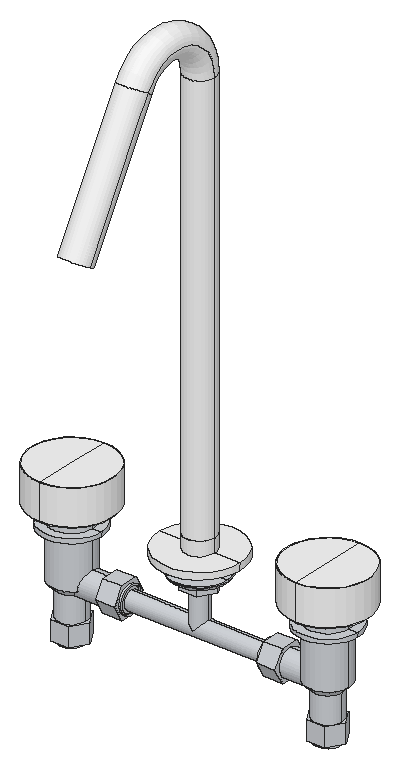
Revit family "Reece_Tap_Milli_Pure_Basin Tap Set_Vessel Basin", category Plumbing Fixtures, host Face, Revit 2018
Family settings
  Host = Face
  Round Connector Dimension = Use Diameter
  Part Type = Normal
  Cut with Voids When Loaded = No
  Shared = Yes
  Room Calculation Point = Yes
Parameters (values of type "Chrome")
  WFU = 0  # constant formula
  URL = "https://www.reece.com.au/product/-2263295"
  Type Comments = "Tap"
  Reece_Tap_Reach = 115 mm  # constant formula
  Reece_Tap_Inlet = 15 mm  # constant formula
  Reece_Tap_Handle_Spacing_Formula [instance] = if(Reece_Tap_Handle_Spacing > 95 mm, 95 mm, if(Reece_Tap_Handle_Spacing < 60 mm, 60 mm, Reece_Tap_Handle_Spacing))  # 95 mm
  Reece_Tap_Handle_Spacing [instance] = 95 mm
  Reece_Tap_Clearance = 245 mm  # constant formula
  Reece_Product_Web Page = "https://www.reece.com.au/product/-2263295"
  Reece_Product_Type = "Tap"  # constant formula
  Reece_Product_Sub Brand = "Pure"  # constant formula
  Reece_Product_Number = "2263295"
  Reece_Product_Mount = "Hob Mounted"
  Reece_Product_Description = "Milli Pure Vessel Basin Set Chrome (5 Star)"
  Reece_Product_Brand = "Milli\r\n"  # constant formula
  Reece_Overall_Length = 155 mm  # constant formula
  Reece_Overall_Height = 365 mm  # constant formula
  Reece_Material-Main = Reece_Brass_Chrome
  Reece_Detail_Shape = ""
  Reece_Detail_Disclaimer = "THIS FILE IS THE PROPERTY OF THE REECE GROUP. IT MAY NOT BE REPRODUCED, REVERSE-ENGINEERED OR MODIFIED. ANY REPUBLICATION, TRANSMISSION OR DISTRIBUTION FOR THE PURPOSE OF COMMERCIALLY EXPLOITING THE FILES IS PROHIBITED."  # constant formula
  Reece_Detail_Connector = ""
  Reece_Detail_Additional = "Vessel Basin"  # constant formula
  Model = "Pure"
  Manufacturer = "Milli\r\n"
  Keynote = "Product #2263295, Reece_Tap_Milli_Pure_Basin Tap Set_Vessel Basin - Chrome"
  HWFU = 0  # constant formula
  Disclaimer = "THIS FILE IS THE PROPERTY OF THE REECE GROUP. IT MAY NOT BE REPRODUCED, REVERSE-ENGINEERED OR MODIFIED. ANY REPUBLICATION, TRANSMISSION OR DISTRIBUTION FOR THE PURPOSE OF COMMERCIALLY EXPLOITING THE FILES IS PROHIBITED."  # constant formula
  Description = "Milli Pure Vessel Basin Set Chrome (5 Star)"
  Default Elevation = 0 mm  # constant formula
  CWFU = 0  # constant formula
Types (6, lengths in mm): name | URL | Reece_Product_Web Page | Reece_Product_Number | Reece_Product_Description | Reece_Material-Main | Keynote | Description
  (no name) | "https://www.reece.com.au/product/-2281316" | "https://www.reece.com.au/product/-2281316" | "2281316" | "Milli Pure Vessel Basin Set Brushed Gunmetal (5 Star)" | Reece_Brass_Brushed Gunmetal | "Product #2281316, Reece_Tap_Milli_Pure_Basin Tap Set_Vessel Basin -  " | "Milli Pure Vessel Basin Set Brushed Gunmetal (5 Star)"
  Brushed Gunmetal | "https://www.reece.com.au/product/-2281316" | "https://www.reece.com.au/product/-2281316" | "2281316" | "Milli Pure Vessel Basin Set Brushed Gunmetal (5 Star)" | Reece_Brass_Brushed Gunmetal | "Product #2281316, Reece_Tap_Milli_Pure_Basin Tap Set_Vessel Basin - Brushed Gunmetal" | "Milli Pure Vessel Basin Set Brushed Gunmetal (5 Star)"
  Chrome | "https://www.reece.com.au/product/-2263295" | "https://www.reece.com.au/product/-2263295" | "2263295" | "Milli Pure Vessel Basin Set Chrome (5 Star)" | Reece_Brass_Chrome | "Product #2263295, Reece_Tap_Milli_Pure_Basin Tap Set_Vessel Basin - Chrome" | "Milli Pure Vessel Basin Set Chrome (5 Star)"
  Matte Black | "https://www.reece.com.au/product/-2281238" | "https://www.reece.com.au/product/-2281238" | "2281238" | "Milli Pure Vessel Basin Set Matte Black (5 Star)" | Reece_Brass_Matte Black | "Product #2281238, Reece_Tap_Milli_Pure_Basin Tap Set_Vessel Basin - Matte Black" | "Milli Pure Vessel Basin Set Matte Black (5 Star)"
  PVD Brushed Bronze | "https://www.reece.com.au/product/-9511101" | "https://www.reece.com.au/product/-9511101" | "9511101" | "Milli Pure Vessel Basin Set PVD Brushed Bronze (5 Star)" | Reece_PVD_Brushed Bronze | "Product #9511101, Reece_Tap_Milli_Pure_Basin Tap Set_Vessel Basin - PVD Brushed Bronze" | "Milli Pure Vessel Basin Set PVD Brushed Bronze (5 Star)"
  PVD Brushed Gold | "https://www.reece.com.au/product/-9510916" | "https://www.reece.com.au/product/-9510916" | "9510916" | "Milli Pure Vessel Basin Set PVD Brushed Gold (5 Star)" | Reece_PVD_Brushed Gold | "Product #9510916, Reece_Tap_Milli_Pure_Basin Tap Set_Vessel Basin - PVD Brushed Gold" | "Milli Pure Vessel Basin Set PVD Brushed Gold (5 Star)"
Reference planes
  plane 1 "Center (Front/Back)": y = 0
  plane 2 "Bottom": z = 0
  plane 3 "Center (Left/Right)": x = 0
  plane 4 "Top": z = 365
  plane 5: y = -115
  plane 6: z = 245
  plane 7: y = 30
  plane 8: y = -125
  plane 9: through (0, -110, 253.66) normal (0, 0.866, -0.5)
  plane 10: x = -95
  plane 11: x = 95
  plane 12: x = -66.612
  plane 13: x = -52.612
  plane 14: x = 66.612
  plane 15: x = 52.612
Forms (mm)
  Revolve 1, solid, material "Reece_Brass_Chrome" <- "Reece_Material-Main"
    sketch origin (3.5, 0, 0) x (-1, 0, 0) y (0, 0, 1)
      loop
        line (-26.5, 5) -> (-26.5, 0) -> (3.5, 0) -> (3.5, 5) -> (-26.5, 5)
      axis (3.5, 5) -> (3.5, 0)
    angle from 0 to 360
  Sweep 2, solid, material "Reece_Brass_Chrome" <- "Reece_Material-Main"
    path origin (0, 0, 0) x (0, 1, 0) y (0, 0, 1)
      loop
        line (-115, 245) -> (-61.579, 337.528)
        arc (-61.579, 337.528) -> (-24.459, 352.904) -> (0, 321.028) r 33
        line (0, 321.028) -> (0, 15.069)
    profile origin (0, 0, 168.049) x (1, 0, 0) y (0, 1, 0)
      loop
        circle (0, 0) r 11
  Revolve 3, void
    sketch origin (0, -1.709, -28.285) x (0, 0.984808, -0.173648) y (0, 0.173648, 0.984808)
      loop
        line (-149.709, 248.743) -> (-158.166, 251.821) -> (-159.319, 248.655) -> (-150.861, 245.576) -> (-149.709, 248.743)
      axis (-158.166, 251.821) -> (-159.319, 248.655)
    angle from 0 to 360
  Sweep 4, solid, material "Reece_Brass_Chrome" <- "Reece_Material-Main"
    path origin (0, 0, 0) x (0, 1, 0) y (0, 0, 1)
      loop
        line (0, 15) -> (0, 5)
    profile origin (0, 0, 10) x (1, 0, 0) y (0, 1, 0)
      loop
        circle (0, 0) r 11
  Revolve 5, solid
    sketch origin (0, 0, -0.835) x (1, 0, 0) y (0, 0, 1)
      loop
        line (0, 5.835) -> (0, -47) -> (6.5, -47) -> (6.5, -11.7) -> (18.888, -11.7)
        arc (18.888, -11.7) -> (19.596, -11.407) -> (19.888, -10.7) r 1
        line (19.888, -10.7) -> (19.888, -9.6) -> (20.888, -9.6) -> (20.888, -8.742) -> (10, -8.742) -> (10, 5.835) -> (0, 5.835)
      axis (0, 5.835) -> (0, -47)
    angle from 0 to 360
  Revolve 6, solid
    sketch origin (0, 0, -0.835) x (1, 0, 0) y (0, 0, 1)
      loop
        line (50.612, -47) -> (50.612, -40.5) -> (-50.612, -40.5) -> (-50.612, -47) -> (50.612, -47)
      loop
        line (-66.612, -37.123) -> (-86.948, -37.123) -> (-86.948, -47) -> (-66.612, -47) -> (-66.612, -37.123)
      loop
        line (66.612, -37.123) -> (66.612, -47) -> (86.948, -47) -> (86.948, -37.123) -> (66.612, -37.123)
      axis (86.948, -47) -> (-86.948, -47)
    angle from 0 to 360
  Extrusion 7, solid
    sketch origin (-71.612, -0.379, -50.716) x (0, 1, 0) y (0, 0, 1)
      loop
        line (-12.921, 2.881) -> (-6.271, -8.637) -> (7.029, -8.637) -> (13.679, 2.881) -> (7.029, 14.399) -> (-6.271, 14.399) -> (-12.921, 2.881)
    from 5 to 19
  Extrusion 8, solid
    sketch origin (-52.612, -0.379, -50.716) x (0, 1, 0) y (0, 0, 1)
      loop
        circle (0.379, 2.881) r 10
      loop
        circle (0.379, 2.881) r 9
    from 0 to 2
  Revolve 9, solid
    sketch origin (0, 0, -0.835) x (1, 0, 0) y (0, 0, 1)
      loop
        line (-110.559, -12.6) -> (-110.559, -48.588) -> (-105.61, -53.538) -> (-105.61, -72.919) -> (-104.007, -74.52) -> (-95, -74.52) -> (-95, 22.835) -> (-105, 22.835) -> (-105, 0.835) -> (-110.559, -2.375) -> (-110.559, -9.6) -> (-117.347, -9.6) -> (-117.347, -12.6) -> (-110.559, -12.6)
      axis (-95, 22.835) -> (-95, -74.52)
    angle from 0 to 360
  Extrusion 10, solid
    sketch origin (-100, 0, -73.754) x (0, 1, 0) y (1, 0, 0)
      loop
        line (0.001, 18.3) -> (-11.518, 11.65) -> (-11.518, -1.65) -> (0.001, -8.3) -> (11.519, -1.65) -> (11.519, 11.65) -> (0.001, 18.3)
    from 0 to 14
  Extrusion 11, solid
    sketch origin (-100, 0, -87.754) x (-1, 0, 0) y (0, 1, 0)
      loop
        circle (-5, 0.001) r 10
      loop
        circle (-5, 0.001) r 9
    from 0 to 2
  Extrusion 12, solid
    sketch origin (100, 0, -73.754) x (0, 1, 0) y (1, 0, 0)
      loop
        line (0.001, 8.3) -> (-11.518, 1.65) -> (-11.518, -11.65) -> (0.001, -18.3) -> (11.519, -11.65) -> (11.519, 1.65) -> (0.001, 8.3)
    from 0 to 14
  Extrusion 13, solid
    sketch origin (100, 0, -87.754) x (-1, 0, 0) y (0, 1, 0)
      loop
        circle (5, 0.001) r 10
      loop
        circle (5, 0.001) r 9
    from 0 to 2
  Extrusion 14, solid
    sketch origin (57.612, -0.379, -50.716) x (0, 1, 0) y (0, 0, 1)
      loop
        line (-12.921, 2.881) -> (-6.271, -8.637) -> (7.029, -8.637) -> (13.679, 2.881) -> (7.029, 14.399) -> (-6.271, 14.399) -> (-12.921, 2.881)
    from -5 to 9
  Extrusion 15, solid
    sketch origin (52.612, -0.379, -50.716) x (0, -1, 0) y (0, 0, 1)
      loop
        circle (-0.379, 2.881) r 10
      loop
        circle (-0.379, 2.881) r 9
    from 0 to 2
  Extrusion 16, void
    sketch origin (-50, 0, 0) x (1, 0, 0) y (0, 1, 0)
      loop
        circle (50, 0) r 17
    from 0 to -27
  Extrusion 17, void
    sketch origin (150, 0, 0) x (-1, 0, 0) y (0, -1, 0)
      loop
        circle (55, 0) r 18
    from 0 to -27
  Extrusion 18, void
    sketch origin (-150, 0, 0) x (1, 0, 0) y (0, 1, 0)
      loop
        circle (55, 0) r 18
    from 0 to -27
  Revolve 19, solid
    sketch origin (0, 0, -0.835) x (-1, 0, 0) y (0, 0, -1)
      loop
        line (-110.559, 12.6) -> (-117.347, 12.6) -> (-117.347, 9.6) -> (-110.559, 9.6) -> (-110.559, 2.375) -> (-105, -0.835) -> (-105, -22.835) -> (-95, -22.835) -> (-95, 74.52) -> (-104.007, 74.52) -> (-105.61, 72.919) -> (-105.61, 53.538) -> (-110.559, 48.588) -> (-110.559, 12.6)
      axis (-95, -22.835) -> (-95, 74.52)
    angle from 0 to 360
  Extrusion 20, solid
    sketch origin (0, 0, -12.535) x (0, 1, 0) y (1, 0, 0)
      loop
        line (0.001, 13.3) -> (-11.518, 6.65) -> (-11.518, -6.65) -> (0.001, -13.3) -> (11.519, -6.65) -> (11.519, 6.65) -> (0.001, 13.3)
    from 0 to 8.3
Cuts and joins
  Revolve 3 cuts Sweep 2
  Extrusion 16 cuts Revolve 9
  joined: Revolve 5, Revolve 6, Extrusion 7, Extrusion 8, Revolve 9, Extrusion 10, Extrusion 11, Extrusion 12, Extrusion 13, Extrusion 14, Extrusion 15, Revolve 19, Extrusion 20
Text (mm)
  text "Reece Copyright © 2018, Reece Ltd." at (-494.526, -203.067, 0), in view "Ref. Level"
  text "Reece ©" at (14.184, 154.972, 118.567), in view "Reece Preview"
Dimensions and locks
  Revolve 1 sketch curve to Revolve 1 sketch curve = 30 mm
  "Reece_Overall_Height": plane 4 "Top" to plane 2 "Bottom"
  "Reece_Tap_Clearance": plane 6 to plane 2 "Bottom"
  "Reece_Tap_Reach": plane 1 "Center (Front/Back)" to plane 5
  "Reece_Overall_Length": plane 7 to plane 8
  "Reece_Tap_Handle_Spacing_Formula": plane 10 to plane 3 "Center (Left/Right)"
  "Reece_Tap_Handle_Spacing_Formula": plane 3 "Center (Left/Right)" to plane 11  (x2)
  plane 13 to plane 12 to plane 10 = 14 mm locked, 28.388 mm locked
  plane 15 to plane 14 to plane 11 = 14 mm locked, 28.388 mm locked
  "Reece_Tap_Handle_Spacing_Formula": plane 3 "Center (Left/Right)" to plane 10
  angle plane 9 to plane 5 = 30.00°
  angle plane 5 to plane 9 = 30.00°
  aligned and locked: plane 2 "Bottom" to host face
  aligned and locked: level to host face
  aligned and locked: cut or joined group 1 (Revolve 5, Revolve 6, Extrusion 7, Extrusion 8, Revolve 9, Extrusion 10, Extrusion 11, Extrusion 12, Extrusion 13, Extrusion 14, Extrusion 15, Extrusion 16, Revolve 19, Extrusion 20) to plane 14
  aligned and locked: cut or joined group 1 to plane 15
  aligned and locked: plane 13 to cut or joined group 1
  aligned and locked: cut or joined group 1 to plane 12
  aligned and locked: plane 10 to nested 2
  aligned and locked: nested 1 to plane 11
Automatic sketch dimensions
  host sketch curve to host sketch curve = 380.785 mm
  host sketch curve to host sketch curve = 317.421 mm
  Revolve 1 sketch curve to level = 0 mm
  plane 3 "Center (Left/Right)" to Revolve 1 sketch curve = 0 mm
  Revolve 1 sketch curve to plane 3 "Center (Left/Right)" = 0 mm
  level to Revolve 1 sketch curve = 5 mm
  Revolve 1 sketch curve to Revolve 1 sketch curve = 340.81 mm
  plane 4 "Top" to Revolve 1 sketch curve = 2048.37 mm
  Sweep 2 sketch curve to plane 5 = 0 mm
  plane 9 to Sweep 2 sketch curve = 0 mm
  Sweep 2 sketch curve to plane 1 "Center (Front/Back)" = 0 mm
  Sweep 2 sketch curve to plane 6 = 0 mm
  Sweep 2 sketch curve to plane 4 "Top" = 27.472 mm
  plane 1 "Center (Front/Back)" to Sweep 2 sketch curve = 33 mm
  level to Sweep 2 sketch curve = 15.069 mm
  Sweep 2 sketch curve to plane 3 "Center (Left/Right)" = 0 mm
  profile plane to Sweep 2 sketch curve = 0 mm
  plane 9 to Revolve 3 sketch curve = 0 mm  (x4)
  plane 5 to Revolve 3 sketch curve = 0.429 mm
  Revolve 3 sketch curve to Revolve 3 sketch curve = 1.153 mm
  Revolve 3 sketch curve to Revolve 3 sketch curve = 8.457 mm
  Revolve 3 sketch curve to Revolve 3 sketch curve = 7.036 mm
  Revolve 3 sketch curve to Revolve 3 sketch curve = 21.517 mm
  Sweep 4 sketch curve to plane 1 "Center (Front/Back)" = 0 mm
  level to Sweep 4 sketch curve = 5 mm
  Sweep 4 sketch curve to Sweep 4 sketch curve = 10 mm
  Sweep 4 sketch curve to plane 3 "Center (Left/Right)" = 0 mm
  profile plane to Sweep 4 sketch curve = 0 mm
  plane 10 to Revolve 6 sketch curve = 8.052 mm
  Revolve 6 sketch curve to Revolve 6 sketch curve = 20.336 mm
  Revolve 6 sketch curve to Revolve 6 sketch curve = 16 mm  (x2)
  plane 11 to Revolve 6 sketch curve = 44.388 mm
  plane 11 to Revolve 6 sketch curve = 8.052 mm
  Revolve 6 sketch curve to level = 47.835 mm
  Revolve 6 sketch curve to Revolve 6 sketch curve = 0 mm  (x3)
  Revolve 6 sketch curve to Revolve 6 sketch curve = 6.5 mm
  Revolve 6 sketch curve to Revolve 6 sketch curve = 9.877 mm  (x2)
  Revolve 6 sketch curve to plane 10 = 35 mm
  Revolve 6 sketch curve to plane 11 = 30 mm
  plane 1 "Center (Front/Back)" to Extrusion 7 sketch curve = 13.3 mm
  plane 1 "Center (Front/Back)" to Extrusion 7 sketch curve = 6.65 mm  (x2)
  Extrusion 7 sketch curve to plane 1 "Center (Front/Back)" = 6.65 mm  (x2)
  Extrusion 7 sketch curve to plane 1 "Center (Front/Back)" = 13.3 mm
  Extrusion 7 sketch curve to level = 59.353 mm
  Extrusion 7 sketch curve to Extrusion 7 sketch curve = 11.518 mm  (x3)
  Extrusion 8 sketch curve to Extrusion 8 sketch curve = 0 mm  (x2)
  Extrusion 8 sketch curve to Extrusion 7 = 11.518 mm  (x2)
  Revolve 9 sketch curve to level = 0 mm
  Revolve 9 sketch curve to plane 10 = 22.347 mm
  Revolve 9 sketch curve to Revolve 9 sketch curve = 6.788 mm  (x2)
  Revolve 9 sketch curve to level = 3.21 mm
  Revolve 9 sketch curve to Revolve 9 sketch curve = 4.95 mm  (x2)
  Revolve 9 sketch curve to Revolve 9 sketch curve = 5.559 mm
  Revolve 9 sketch curve to Revolve 9 sketch curve = 1.602 mm
  plane 10 to Revolve 9 sketch curve = 0 mm  (x2)
  Revolve 9 sketch curve to Revolve 9 sketch curve = 7.226 mm
  Revolve 9 sketch curve to Revolve 9 sketch curve = 3 mm
  Revolve 9 sketch curve to Revolve 9 sketch curve = 35.988 mm
  Revolve 9 sketch curve to Revolve 9 sketch curve = 19.382 mm
  Revolve 9 sketch curve to Revolve 9 sketch curve = 1.601 mm
  Revolve 9 sketch curve to Revolve 9 sketch curve = 0 mm
  level to Revolve 9 sketch curve = 22 mm
  Revolve 9 sketch curve to Revolve 9 sketch curve = 38.18 mm
  Revolve 9 sketch curve to plane 6 = 13.535 mm
  plane 1 "Center (Front/Back)" to Extrusion 10 sketch curve = 11.518 mm
  Extrusion 10 sketch curve to plane 1 "Center (Front/Back)" = 0.001 mm  (x2)
  Extrusion 10 sketch curve to plane 1 "Center (Front/Back)" = 11.519 mm
  plane 10 to Extrusion 10 sketch curve = 13.3 mm
  plane 10 to Extrusion 10 sketch curve = 6.65 mm  (x2)
  Extrusion 10 sketch curve to plane 10 = 6.65 mm  (x2)
  Extrusion 10 sketch curve to plane 10 = 13.3 mm
  Extrusion 11 sketch curve to Extrusion 11 sketch curve = 0 mm  (x2)
  Extrusion 10 to Extrusion 11 sketch curve = 11.518 mm  (x2)
  plane 1 "Center (Front/Back)" to Extrusion 12 sketch curve = 11.518 mm
  Extrusion 12 sketch curve to plane 1 "Center (Front/Back)" = 0.001 mm  (x2)
  Extrusion 12 sketch curve to plane 1 "Center (Front/Back)" = 11.519 mm
  Extrusion 12 sketch curve to plane 11 = 13.3 mm
  Extrusion 12 sketch curve to plane 11 = 6.65 mm  (x2)
  plane 11 to Extrusion 12 sketch curve = 6.65 mm  (x2)
  Extrusion 12 sketch curve to Extrusion 12 sketch curve = 6.65 mm
  Extrusion 13 sketch curve to Extrusion 13 sketch curve = 0 mm  (x2)
  Extrusion 13 sketch curve to plane 11 = 0 mm
  Extrusion 13 sketch curve to plane 1 "Center (Front/Back)" = 0.001 mm
  plane 1 "Center (Front/Back)" to Extrusion 14 sketch curve = 13.3 mm
  plane 1 "Center (Front/Back)" to Extrusion 14 sketch curve = 6.65 mm  (x2)
  Extrusion 14 sketch curve to plane 1 "Center (Front/Back)" = 6.65 mm  (x2)
  Extrusion 14 sketch curve to plane 1 "Center (Front/Back)" = 13.3 mm
  Extrusion 14 sketch curve to level = 59.353 mm
  Extrusion 14 sketch curve to Extrusion 14 sketch curve = 11.518 mm  (x3)
  Extrusion 15 sketch curve to Extrusion 15 sketch curve = 0 mm  (x2)
  Extrusion 15 sketch curve to Extrusion 14 = 11.518 mm  (x2)
  Extrusion 16 sketch curve to Extrusion 16 sketch curve = 0 mm  (x2)
  plane 1 "Center (Front/Back)" to Extrusion 16 sketch curve = 0 mm
  Extrusion 16 sketch curve to plane 3 "Center (Left/Right)" = 0 mm
  Extrusion 16 sketch curve to Extrusion 16 sketch curve = 17 mm
  Extrusion 17 sketch curve to Extrusion 17 sketch curve = 0 mm  (x2)
  plane 1 "Center (Front/Back)" to Extrusion 17 sketch curve = 0 mm
  Extrusion 17 sketch curve to plane 11 = 0 mm
  plane 11 to Extrusion 17 sketch curve = 18 mm
  Extrusion 18 sketch curve to Extrusion 18 sketch curve = 0 mm  (x2)
  Extrusion 18 sketch curve to plane 1 "Center (Front/Back)" = 0 mm
  Extrusion 18 sketch curve to plane 10 = 0 mm
  Extrusion 18 sketch curve to plane 10 = 18 mm
  Revolve 19 sketch curve to level = 0 mm
  Revolve 19 sketch curve to plane 11 = 22.347 mm
  Revolve 19 sketch curve to Revolve 19 sketch curve = 6.788 mm  (x2)
  Revolve 19 sketch curve to level = 3.21 mm
  Revolve 19 sketch curve to Revolve 19 sketch curve = 4.95 mm  (x2)
  Revolve 19 sketch curve to Revolve 19 sketch curve = 5.559 mm
  Revolve 19 sketch curve to Revolve 19 sketch curve = 1.602 mm
  plane 11 to Revolve 19 sketch curve = 0 mm  (x2)
  level to Revolve 19 sketch curve = 22 mm
  Revolve 19 sketch curve to Revolve 19 sketch curve = 7.226 mm
  Revolve 19 sketch curve to Revolve 19 sketch curve = 3 mm
  Revolve 19 sketch curve to Revolve 19 sketch curve = 35.988 mm
  Revolve 19 sketch curve to Revolve 19 sketch curve = 19.382 mm
  Revolve 19 sketch curve to Revolve 19 sketch curve = 1.601 mm
  Revolve 19 sketch curve to Revolve 19 sketch curve = 0 mm
  Revolve 19 sketch curve to plane 6 = 13.535 mm
  Revolve 19 sketch curve to Revolve 19 sketch curve = 38.18 mm
  plane 1 "Center (Front/Back)" to Extrusion 20 sketch curve = 11.518 mm
  Extrusion 20 sketch curve to plane 1 "Center (Front/Back)" = 0.001 mm  (x2)
  Extrusion 20 sketch curve to plane 1 "Center (Front/Back)" = 11.519 mm
  plane 3 "Center (Left/Right)" to Extrusion 20 sketch curve = 13.3 mm
  plane 3 "Center (Left/Right)" to Extrusion 20 sketch curve = 6.65 mm  (x2)
  Extrusion 20 sketch curve to plane 3 "Center (Left/Right)" = 6.65 mm  (x2)
  Extrusion 20 sketch curve to Extrusion 20 sketch curve = 6.65 mm
  Revolve 5 sketch curve to plane 3 "Center (Left/Right)" = 0 mm  (x2)
  Revolve 5 sketch curve to Revolve 5 sketch curve = 1 mm  (x2)
  Revolve 5 sketch curve to level = 47.835 mm
  Revolve 5 sketch curve to Revolve 5 sketch curve = 1.1 mm
  level to Revolve 5 sketch curve = 5 mm
  Revolve 5 sketch curve to Revolve 5 sketch curve = 9.761 mm
  Revolve 5 sketch curve to Revolve 5 sketch curve = 17.404 mm
  Revolve 5 sketch curve to Revolve 5 sketch curve = 0.858 mm
  Revolve 5 sketch curve to Revolve 5 sketch curve = 8.888 mm
  Revolve 5 sketch curve to level = 12.535 mm
  Revolve 5 sketch curve to Revolve 5 sketch curve = 3.5 mm
  plane 3 "Center (Left/Right)" to Revolve 5 sketch curve = 6.5 mm
  radius of Sweep 2 sketch curve = 11 mm
  radius of Sweep 4 sketch curve = 11 mm
  radius of Extrusion 8 sketch curve = 10 mm
  radius of Extrusion 8 sketch curve = 9 mm
  radius of Extrusion 11 sketch curve = 10 mm
  radius of Extrusion 11 sketch curve = 9 mm
  radius of Extrusion 13 sketch curve = 10 mm
  radius of Extrusion 13 sketch curve = 9 mm
  radius of Extrusion 15 sketch curve = 10 mm
  radius of Extrusion 15 sketch curve = 9 mm
Nested families
  nested 1: "Reece_Tap_Milli_Pure_Cap_Main_2D" at (95, 0, 0), Reece_Material-Main <- "Reece_Material-Main", Reece_Material_Secondary <- "Reece_Material-Main", type "60mm x 28mm"
    with Reece_Material_Secondary Reece_Brass_Chrome, Reece_Material-Main Reece_Brass_Chrome
  nested 2: "Reece_Tap_Milli_Pure_Cap_Main_2D" at (-95, 0, 0) x (-1, 0, 0) z (0, 0, 1), Reece_Material-Main <- "Reece_Material-Main", Reece_Material_Secondary <- "Reece_Material-Main", type "60mm x 28mm"
    with Reece_Material_Secondary Reece_Brass_Chrome, Reece_Material-Main Reece_Brass_Chrome
Connectors
  piping at (-95, 0.001, -89.754), diameter 15, driven by "Reece_Tap_Inlet"
    settings: on cut or joined group 1, index 1, connector inside diameter 609.6 mm, connector length 0 mm, flow factor 0, pipe flow 0.0 L/s, pressure drop 0.0 Pa, fitting loss kfactor 0, connector angle 0.00°, fixture units 0, engagement length 0 mm, angle of deflection 0.00°, flow configuration 0, flow direction 1, fitting loss method 0, system type 29, joint type 0, gender type 0, connector reference index -1, connector utility 0, adjustable connector no, is connector primary yes, connector description ""
  piping at (95, 0.001, -89.754), diameter 15, driven by "Reece_Tap_Inlet"
    settings: on cut or joined group 1, index 2, connector inside diameter 609.6 mm, connector length 0 mm, flow factor 0, pipe flow 0.0 L/s, pressure drop 0.0 Pa, fitting loss kfactor 0, connector angle 0.00°, fixture units 0, engagement length 0 mm, angle of deflection 0.00°, flow configuration 0, flow direction 1, fitting loss method 0, system type 29, joint type 0, gender type 0, connector reference index -1, connector utility 0, adjustable connector no, is connector primary no, connector description ""
Definition of nested family "Reece_Tap_Milli_Pure_Cap_Main_2D"
  Parameters (values of type "62mm x 30mm")
    WFU = 0  # constant formula
    Reece_Overall_Width = 62 mm
    Reece_Overall_Height = 30 mm
    Reece_Material_Secondary [instance] = none
    Reece_Material-Main [instance] = none
    Reece_Detail_Installation = ""
    Reece_Detail_Connector = ""
    Reece_Detail_Additional = ""
    HWFU = 0  # constant formula
    Default Elevation = 1000 mm
    CWFU = 0  # constant formula
  Types (4, lengths in mm): name | Reece_Overall_Width | Reece_Overall_Height
    62mm x 30mm | 62 | 30
    60mm x 28mm | 60 | 28
    54mm x 30mm | 54 | 30
    60mm x 26mm | 60 | 26
  Reference planes
    plane 1 "Center (Front/Back)": y = 0
    plane 2 "Bottom": z = 0
    plane 3 "Center (Left/Right)": x = 0
    plane 4: y = -31
    plane 5: y = 31
    plane 6: z = 30
    plane 7: y = -29
    plane 8: y = 29
    plane 9: z = 16
    plane 10: z = 2
  Forms (mm)
    Extrusion 1, solid
      sketch origin (619.2, -619.2, 0) x (1, 0, 0) y (0, 1, 0)
        loop
          line (-809.2, 779.2) -> (-809.2, 461.779) -> (-428.415, 461.779) -> (-428.415, 779.2) -> (-809.2, 779.2)
      from 0 to -9.564
    Revolve 2, solid, material <- "Reece_Material_Secondary"
      sketch origin (0, 50, 0) x (0, -1, 0) y (0, 0, 1)
        loop
          line (50, 0) -> (79, 0) -> (79, 2) -> (81, 2) -> (81, 30) -> (79, 28) -> (50, 28) -> (50, 0)
        axis (50, 0) -> (50, 30)
      angle from 0 to 360
    Revolve 3, solid, material <- "Reece_Material-Main"
      sketch origin (0, 50, 0) x (0, -1, 0) y (0, 0, 1)
        loop
          line (81, 30) -> (50, 30) -> (50, 28) -> (79, 28) -> (81, 30)
        axis (50, 28) -> (50, 30)
      angle from 0 to 360
  Text (mm)
    text "Reece Copyright © 2018, Reece Ltd." at (-1403.988, -1192.393, 0), in view "Ref. Level"
    text "Reece ©" at (44.384, 258.95, 192.345), in view "Reece Preview"
  Dimensions and locks
    equal spacing: plane 5, plane 1 "Center (Front/Back)", plane 4
    "Reece_Overall_Width": plane 5 to plane 4
    "Reece_Overall_Height": plane 6 to plane 2 "Bottom"
    locked: plane 7 to plane 4 at 2
    locked: plane 5 to plane 8 at 2
    equal spacing: plane 6, plane 9, plane 10
    locked: plane 10 to plane 2 "Bottom" at 2
    aligned and locked: plane 2 "Bottom" to Extrusion 1
    aligned and locked: level to Extrusion 1
    aligned and locked: plane 7 to Revolve 2 sketch curve
  Automatic sketch dimensions
    Extrusion 1 sketch curve to Extrusion 1 sketch curve = 380.785 mm
    Extrusion 1 sketch curve to Extrusion 1 sketch curve = 317.421 mm
    Revolve 2 sketch curve to plane 1 "Center (Front/Back)" = 0 mm  (x2)
    Revolve 2 sketch curve to level = 0 mm
    Revolve 2 sketch curve to plane 7 = 0 mm
    Revolve 2 sketch curve to plane 4 = 0 mm
    Revolve 2 sketch curve to plane 6 = 0 mm  (x2)
    level to Revolve 2 sketch curve = 2 mm
    Revolve 2 sketch curve to plane 6 = 2 mm
    Revolve 2 sketch curve to Revolve 2 sketch curve = 10 mm
    Revolve 3 sketch curve to plane 1 "Center (Front/Back)" = 0 mm  (x2)
    Revolve 3 sketch curve to plane 7 = 0 mm
    Revolve 3 sketch curve to plane 4 = 0 mm
    Revolve 3 sketch curve to plane 6 = 0 mm  (x2)
    Revolve 3 sketch curve to plane 6 = 2 mm
    Revolve 3 sketch curve to Revolve 3 sketch curve = 10 mm
